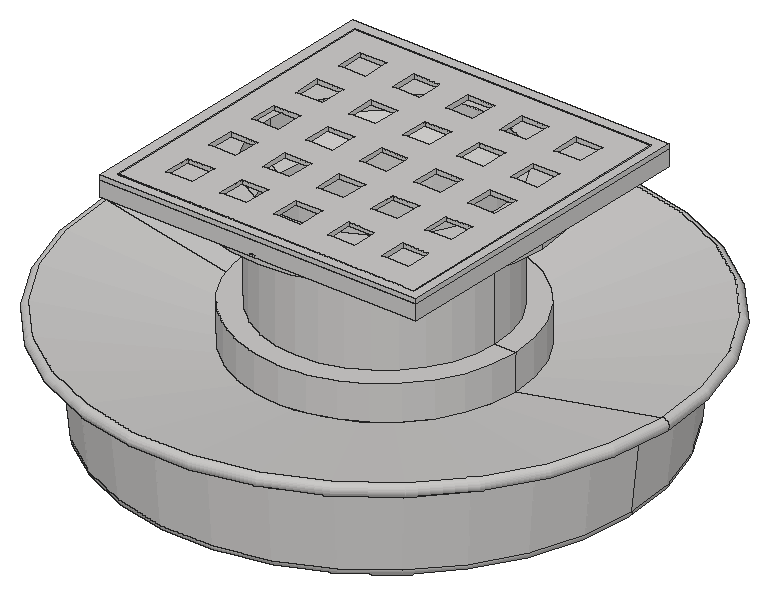
Revit family "Drain_Floor_Square-Top_Zurn-Z1727_Medium-duty", category Plumbing Fixtures, Revit 2022
Family settings
  Round Connector Dimension = Use Radius
  Part Type = Normal
  OmniClass Number = 23.45.55.21
  OmniClass Title = Drains (Wastes)
  Work Plane-Based = No
  Always vertical = Yes
  Cut with Voids When Loaded = No
  Maintain Annotation Orientation = No
  Shared = No
  Room Calculation Point = No
Parameters (values of type "Load Family Type Catalog")
  Waste Connection = 1 = 1  # yes
  WFU = 0  # constant formula
  Vent Connection = 1 = 0  # no
  URL = "www.zurn.com"
  Type Comments = "Z1727 2 Inch Butt-Weld Outlet with 5 Inch Square Top."
  Sq. Dim 'B' = 5.000"
  Product data URL = "https://www.bimobject.com/en-us/zurnindustries/product/zurn-z1727"
  Product Page URL = "https://www.zurn.com/products/drainage-interceptors/floor-drains/finish-floor-drains/z1727"
  Product Documentation Link = "https://files.zurn.com/spec-sheets/z1727.pdf"
  Pipe Size 'A' (Outer Radius) = [Pipe Size 'A' (Outer Diameter)] / 2  # 1.1875"
  Pipe Size 'A' (Outer Diameter) = 2.375"
  Pipe Size 'A' (Nominal Radius) = [Pipe Size 'A' (Nominal Diameter)] / 2  # 1.000"
  Pipe Size 'A' (Nominal Diameter) = 2.000"
  Pipe Size 'A' (Inner Radius) = [Pipe Size 'A' (Inner Diameter)] / 2  # 1.0335"
  Pipe Size 'A' (Inner Diameter) = 2.067"
  Modified Date = "11/14/2025"  # constant formula
  Model = "Z1727 2BW-5"
  Manufacturer Brand = "Zurn"  # constant formula
  Manufacturer = "Zurn Water, LLC"  # constant formula
  Main Material = Steel - Zurn- Stainless - Type - 304
  HWFU = 0  # constant formula
  HW Connection = 1 = 0  # no
  Grate Open Area (Sq. In.) = 9.00 m²
  Enter_Adjustable Head Height [instance] = 2.000"
  Description = "ADJUSTABLE FLOOR DRAIN MEDIUM-DUTY WITH SQUARE TOP"  # constant formula
  Default Elevation = 20.000"
  Date Created = "05/16/2025"  # constant formula
  CWFU = 0  # constant formula
  CW Connection = 1 = 0  # no
  Assembly Code = "D2030300"
  Approx. Weight (Lbs) = 13.000"
  Adjustable Head Height [instance] = if(Enter_Adjustable Head Height > 2.625", 2.625", if(Enter_Adjustable Head Height < 1.500", 1.500", Enter_Adjustable Head Height))  # 2.000"
  Body Height  ' E ' = 2.875"
Reference planes (in)
  plane 1 "Center (Front/Back)": y = 0
  plane 2: z = 0
  plane 3 "Center (Left/Right)": x = 0
  plane 4 "Outlet": z = -4.875
  plane 5: z = -2
  plane 6: x = 4.5
  plane 7: x = -4.5
  plane 8: z = -3.725
  plane 9: x = -2.5
  plane 10: x = 2.5
  plane 11: y = 2.5
  plane 12: y = -2.5
  plane 13: z = -0.063
  plane 14: z = -0.313
  plane 15: x = -1
  plane 16: x = 1
  plane 17: y = 3
  plane 18: y = -3
  plane 19: y = 1
  plane 20: y = -1
Forms (in)
  Revolve 1, solid, material "Steel - Zurn- Stainless - Type - 304" <- "Main Material", detail levels fine
    sketch origin (0, 0, 0) x (1, 0, 0) y (0, 0, 1)
      loop
        arc (-4.39391, -2.10687) -> (-4.4985, -2.18188) -> (-4.43051, -2.29117) r 0.09416
        line (-4.43051, -2.29117) -> (-4.17517, -2.35959)
        arc (-4.17517, -2.35959) -> (-4.08116, -2.41888) -> (-4.03723, -2.52098) r 0.18751
        line (-4.03723, -2.52098) -> (-3.92168, -3.61314)
        arc (-3.92168, -3.61314) -> (-3.88098, -3.69292) -> (-3.79736, -3.725) r 0.12501
        line (-3.79736, -3.725) -> (-1.025, -3.725) -> (-1.025, -2) -> (-2.08502, -2) -> (-2.08502, -2.55051) -> (-4.39391, -2.10687)
      axis (0, -2) -> (0, -3.725)
    angle from 0 to 360
  Extrusion 2, solid, material "Steel - Zurn- Stainless - Type - 304" <- "Main Material", detail levels fine
    sketch origin (0, 0, -4.875) x (-1, 0, 0) y (0, -1, 0)
      loop
        circle (0, 0) r 1.0335
      loop
        circle (0, 0) r 1.1875
    from 0 to 1.15
  Extrusion 3, solid, material "Steel - Zurn- Stainless - Type - 304" <- "Main Material", detail levels fine
    sketch origin (0, 0, 0) x (1, 0, 0) y (0, 1, 0)
      loop
        line (-2.5, 2.5) -> (-2.5, -2.5) -> (2.5, -2.5) -> (2.5, 2.5) -> (-2.5, 2.5)
      loop
        circle (0, 0) r 1.811
    from -0.313 to -0.063
  Revolve 4, solid, material "Steel - Zurn- Stainless - Type - 304" <- "Main Material", detail levels fine
    sketch origin (0, 0, 0) x (1, 0, 0) y (0, 0, 1)
      loop
        line (-1.75, -0.83186) -> (-1.75, -2) -> (-1.66367, -2) -> (-1.66367, -0.78828) -> (-2.31789, -0.313) -> (-2.5, -0.313) -> (-2.5, -0.38258) -> (-2.36843, -0.38258) -> (-1.75, -0.83186)
      axis (0, -0.313) -> (0, -2)
    angle from 0 to 360
  Extrusion 5, solid, material "Steel - Zurn- Stainless - Type - 304" <- "Main Material", detail levels fine
    sketch origin (0, 0, 0) x (1, 0, 0) y (0, 1, 0)
      loop
        line (-2.5, 2.5) -> (-2.5, -2.5) -> (2.5, -2.5) -> (2.5, 2.5) -> (-2.5, 2.5)
      loop
        line (-2.344, 2.344) -> (-2.344, -2.344) -> (2.344, -2.344) -> (2.344, 2.344) -> (-2.344, 2.344)
    from -0.063 to 0
  Extrusion 6, solid, material "Steel - Zurn- Stainless - Type - 304" <- "Main Material", detail levels fine
    sketch origin (0, 0, 0) x (1, 0, 0) y (0, 1, 0)
      loop
        line (-2.344, 2.344) -> (-2.344, -2.344) -> (2.344, -2.344) -> (2.344, 2.344) -> (-2.344, 2.344)
      loop
        line (-1.91782, 1.91782) -> (-1.91782, 1.49164) -> (-1.49164, 1.49164) -> (-1.49164, 1.91782) -> (-1.91782, 1.91782)
      loop
        line (-1.06545, 1.91782) -> (-1.06545, 1.49164) -> (-0.63927, 1.49164) -> (-0.63927, 1.91782) -> (-1.06545, 1.91782)
      loop
        line (-0.21309, 1.91782) -> (-0.21309, 1.49164) -> (0.21309, 1.49164) -> (0.21309, 1.91782) -> (-0.21309, 1.91782)
      loop
        line (0.63927, 1.91782) -> (0.63927, 1.49164) -> (1.06545, 1.49164) -> (1.06545, 1.91782) -> (0.63927, 1.91782)
      loop
        line (1.49164, 1.91782) -> (1.49164, 1.49164) -> (1.91782, 1.49164) -> (1.91782, 1.91782) -> (1.49164, 1.91782)
      loop
        line (-1.91782, 1.06545) -> (-1.91782, 0.63927) -> (-1.49164, 0.63927) -> (-1.49164, 1.06545) -> (-1.91782, 1.06545)
      loop
        line (-1.06545, 1.06545) -> (-1.06545, 0.63927) -> (-0.63927, 0.63927) -> (-0.63927, 1.06545) -> (-1.06545, 1.06545)
      loop
        line (-0.21309, 1.06545) -> (-0.21309, 0.63927) -> (0.21309, 0.63927) -> (0.21309, 1.06545) -> (-0.21309, 1.06545)
      loop
        line (0.63927, 1.06545) -> (0.63927, 0.63927) -> (1.06545, 0.63927) -> (1.06545, 1.06545) -> (0.63927, 1.06545)
      loop
        line (1.49164, 1.06545) -> (1.49164, 0.63927) -> (1.91782, 0.63927) -> (1.91782, 1.06545) -> (1.49164, 1.06545)
      loop
        line (-1.91782, 0.21309) -> (-1.91782, -0.21309) -> (-1.49164, -0.21309) -> (-1.49164, 0.21309) -> (-1.91782, 0.21309)
      loop
        line (-1.06545, 0.21309) -> (-1.06545, -0.21309) -> (-0.63927, -0.21309) -> (-0.63927, 0.21309) -> (-1.06545, 0.21309)
      loop
        line (-0.21309, 0.21309) -> (-0.21309, -0.21309) -> (0.21309, -0.21309) -> (0.21309, 0.21309) -> (-0.21309, 0.21309)
      loop
        line (0.63927, 0.21309) -> (0.63927, -0.21309) -> (1.06545, -0.21309) -> (1.06545, 0.21309) -> (0.63927, 0.21309)
      loop
        line (1.49164, 0.21309) -> (1.49164, -0.21309) -> (1.91782, -0.21309) -> (1.91782, 0.21309) -> (1.49164, 0.21309)
      loop
        line (-1.91782, -0.63927) -> (-1.91782, -1.06545) -> (-1.49164, -1.06545) -> (-1.49164, -0.63927) -> (-1.91782, -0.63927)
      loop
        line (-1.06545, -0.63927) -> (-1.06545, -1.06545) -> (-0.63927, -1.06545) -> (-0.63927, -0.63927) -> (-1.06545, -0.63927)
      loop
        line (-0.21309, -0.63927) -> (-0.21309, -1.06545) -> (0.21309, -1.06545) -> (0.21309, -0.63927) -> (-0.21309, -0.63927)
      loop
        line (0.63927, -0.63927) -> (0.63927, -1.06545) -> (1.06545, -1.06545) -> (1.06545, -0.63927) -> (0.63927, -0.63927)
      loop
        line (1.49164, -0.63927) -> (1.49164, -1.06545) -> (1.91782, -1.06545) -> (1.91782, -0.63927) -> (1.49164, -0.63927)
      loop
        line (-1.91782, -1.49164) -> (-1.91782, -1.91782) -> (-1.49164, -1.91782) -> (-1.49164, -1.49164) -> (-1.91782, -1.49164)
      loop
        line (-1.06545, -1.49164) -> (-1.06545, -1.91782) -> (-0.63927, -1.91782) -> (-0.63927, -1.49164) -> (-1.06545, -1.49164)
      loop
        line (-0.21309, -1.49164) -> (-0.21309, -1.91782) -> (0.21309, -1.91782) -> (0.21309, -1.49164) -> (-0.21309, -1.49164)
      loop
        line (0.63927, -1.49164) -> (0.63927, -1.91782) -> (1.06545, -1.91782) -> (1.06545, -1.49164) -> (0.63927, -1.49164)
      loop
        line (1.49164, -1.49164) -> (1.49164, -1.91782) -> (1.91782, -1.91782) -> (1.91782, -1.49164) -> (1.49164, -1.49164)
    from -0.063 to 0
Lines and regions (in)
  Masking region 1, detail levels fine
    outline origin (0, 0, 0) x (1, 0, 0) y (0, 1, 0)
      loop
        line (2.5, 2.5) -> (-2.5, 2.5) -> (-2.5, -2.5) -> (2.5, -2.5) -> (2.5, 2.5)
  model lines, detail levels coarse+medium
    curve 1: line (-2.5, 2.5, 0) -> (2.5, 2.5, 0)
    curve 2: line (-2.5, -2.5, 0) -> (-2.5, 2.5, 0)
    curve 3: line (2.5, -2.5, 0) -> (-2.5, -2.5, 0)
    curve 4: line (2.5, 2.5, 0) -> (2.5, -2.5, 0)
    curve 5: line (0, 0, 0) -> (0, 0, -4.875)
    curve 6: line (-1, 0, -4.875) -> (1, 0, -4.875)
    curve 7: line (0, 1, -4.875) -> (0, -1, -4.875)
    curve 8: line (2.344, 2.344, 0) -> (-2.344, 2.344, 0)
    curve 9: line (-2.344, 2.344, 0) -> (-2.344, -2.344, 0)
    curve 10: line (2.344, -2.344, 0) -> (2.344, 2.344, 0)
    curve 11: line (-2.344, -2.344, 0) -> (2.344, -2.344, 0)
    curve 12: line (-1.91782, 1.91782, 0) -> (-1.49164, 1.91782, 0)
    curve 13: line (-1.91782, 1.49164, 0) -> (-1.91782, 1.91782, 0)
    curve 14: line (-1.49164, 1.49164, 0) -> (-1.91782, 1.49164, 0)
    curve 15: line (-1.49164, 1.91782, 0) -> (-1.49164, 1.49164, 0)
    curve 16: line (-1.06545, 1.49164, 0) -> (-1.06545, 1.91782, 0)
    curve 17: line (-1.06545, 1.91782, 0) -> (-0.63927, 1.91782, 0)
    curve 18: line (-0.63927, 1.49164, 0) -> (-1.06545, 1.49164, 0)
    curve 19: line (-0.63927, 1.91782, 0) -> (-0.63927, 1.49164, 0)
    curve 20: line (-0.21309, 1.91782, 0) -> (0.21309, 1.91782, 0)
    curve 21: line (-0.21309, 1.49164, 0) -> (-0.21309, 1.91782, 0)
    curve 22: line (0.21309, 1.49164, 0) -> (-0.21309, 1.49164, 0)
    curve 23: line (0.21309, 1.91782, 0) -> (0.21309, 1.49164, 0)
    curve 24: line (0.63927, 1.49164, 0) -> (0.63927, 1.91782, 0)
    curve 25: line (0.63927, 1.91782, 0) -> (1.06545, 1.91782, 0)
    curve 26: line (1.06545, 1.49164, 0) -> (0.63927, 1.49164, 0)
    curve 27: line (1.06545, 1.91782, 0) -> (1.06545, 1.49164, 0)
    curve 28: line (1.49164, 1.91782, 0) -> (1.91782, 1.91782, 0)
    curve 29: line (1.49164, 1.49164, 0) -> (1.49164, 1.91782, 0)
    curve 30: line (1.91782, 1.49164, 0) -> (1.49164, 1.49164, 0)
    curve 31: line (1.91782, 1.91782, 0) -> (1.91782, 1.49164, 0)
    curve 32: line (-1.91782, 1.06545, 0) -> (-1.49164, 1.06545, 0)
    curve 33: line (-1.91782, 0.63927, 0) -> (-1.91782, 1.06545, 0)
    curve 34: line (-1.49164, 0.63927, 0) -> (-1.91782, 0.63927, 0)
    curve 35: line (-1.49164, 1.06545, 0) -> (-1.49164, 0.63927, 0)
    curve 36: line (-1.06545, 1.06545, 0) -> (-0.63927, 1.06545, 0)
    curve 37: line (-1.06545, 0.63927, 0) -> (-1.06545, 1.06545, 0)
    curve 38: line (-0.63927, 0.63927, 0) -> (-1.06545, 0.63927, 0)
    curve 39: line (-0.63927, 1.06545, 0) -> (-0.63927, 0.63927, 0)
    curve 40: line (-0.21309, 1.06545, 0) -> (0.21309, 1.06545, 0)
    curve 41: line (-0.21309, 0.63927, 0) -> (-0.21309, 1.06545, 0)
    curve 42: line (0.21309, 0.63927, 0) -> (-0.21309, 0.63927, 0)
    curve 43: line (0.21309, 1.06545, 0) -> (0.21309, 0.63927, 0)
    curve 44: line (0.63927, 1.06545, 0) -> (1.06545, 1.06545, 0)
    curve 45: line (0.63927, 0.63927, 0) -> (0.63927, 1.06545, 0)
    curve 46: line (1.06545, 0.63927, 0) -> (0.63927, 0.63927, 0)
    curve 47: line (1.06545, 1.06545, 0) -> (1.06545, 0.63927, 0)
    curve 48: line (1.49164, 0.63927, 0) -> (1.49164, 1.06545, 0)
    curve 49: line (1.49164, 1.06545, 0) -> (1.91782, 1.06545, 0)
    curve 50: line (1.91782, 1.06545, 0) -> (1.91782, 0.63927, 0)
    curve 51: line (1.91782, 0.63927, 0) -> (1.49164, 0.63927, 0)
    curve 52: line (-1.91782, 0.21309, 0) -> (-1.49164, 0.21309, 0)
    curve 53: line (-1.91782, -0.21309, 0) -> (-1.91782, 0.21309, 0)
    curve 54: line (-1.49164, -0.21309, 0) -> (-1.91782, -0.21309, 0)
    curve 55: line (-1.49164, 0.21309, 0) -> (-1.49164, -0.21309, 0)
    curve 56: line (-1.06545, 0.21309, 0) -> (-0.63927, 0.21309, 0)
    curve 57: line (-1.06545, -0.21309, 0) -> (-1.06545, 0.21309, 0)
    curve 58: line (-0.63927, -0.21309, 0) -> (-1.06545, -0.21309, 0)
    curve 59: line (-0.63927, 0.21309, 0) -> (-0.63927, -0.21309, 0)
    curve 60: line (-0.21309, 0.21309, 0) -> (0.21309, 0.21309, 0)
    curve 61: line (-0.21309, -0.21309, 0) -> (-0.21309, 0.21309, 0)
    curve 62: line (0.21309, -0.21309, 0) -> (-0.21309, -0.21309, 0)
    curve 63: line (0.21309, 0.21309, 0) -> (0.21309, -0.21309, 0)
    curve 64: line (0.63927, 0.21309, 0) -> (1.06545, 0.21309, 0)
    curve 65: line (0.63927, -0.21309, 0) -> (0.63927, 0.21309, 0)
    curve 66: line (1.06545, -0.21309, 0) -> (0.63927, -0.21309, 0)
    curve 67: line (1.06545, 0.21309, 0) -> (1.06545, -0.21309, 0)
    curve 68: line (1.49164, 0.21309, 0) -> (1.91782, 0.21309, 0)
    curve 69: line (1.49164, -0.21309, 0) -> (1.49164, 0.21309, 0)
    curve 70: line (1.91782, -0.21309, 0) -> (1.49164, -0.21309, 0)
    curve 71: line (1.91782, 0.21309, 0) -> (1.91782, -0.21309, 0)
    curve 72: line (-1.91782, -0.63927, 0) -> (-1.49164, -0.63927, 0)
    curve 73: line (-1.91782, -1.06545, 0) -> (-1.91782, -0.63927, 0)
    curve 74: line (-1.49164, -1.06545, 0) -> (-1.91782, -1.06545, 0)
    curve 75: line (-1.49164, -0.63927, 0) -> (-1.49164, -1.06545, 0)
    curve 76: line (-1.06545, -0.63927, 0) -> (-0.63927, -0.63927, 0)
    curve 77: line (-1.06545, -1.06545, 0) -> (-1.06545, -0.63927, 0)
    curve 78: line (-0.63927, -1.06545, 0) -> (-1.06545, -1.06545, 0)
    curve 79: line (-0.63927, -0.63927, 0) -> (-0.63927, -1.06545, 0)
    curve 80: line (-0.21309, -0.63927, 0) -> (0.21309, -0.63927, 0)
    curve 81: line (-0.21309, -1.06545, 0) -> (-0.21309, -0.63927, 0)
    curve 82: line (0.21309, -1.06545, 0) -> (-0.21309, -1.06545, 0)
    curve 83: line (0.21309, -0.63927, 0) -> (0.21309, -1.06545, 0)
    curve 84: line (0.63927, -0.63927, 0) -> (1.06545, -0.63927, 0)
    curve 85: line (0.63927, -1.06545, 0) -> (0.63927, -0.63927, 0)
    curve 86: line (1.06545, -1.06545, 0) -> (0.63927, -1.06545, 0)
    curve 87: line (1.06545, -0.63927, 0) -> (1.06545, -1.06545, 0)
    curve 88: line (1.49164, -0.63927, 0) -> (1.91782, -0.63927, 0)
    curve 89: line (1.91782, -0.63927, 0) -> (1.91782, -1.06545, 0)
    curve 90: line (1.91782, -1.06545, 0) -> (1.49164, -1.06545, 0)
    curve 91: line (1.49164, -1.06545, 0) -> (1.49164, -0.63927, 0)
  model lines
    curve 92: line (-1.91782, -1.91782, 0) -> (-1.91782, -1.49164, 0)
    curve 93: line (-1.91782, -1.49164, 0) -> (-1.49164, -1.49164, 0)
    curve 94: line (-1.49164, -1.91782, 0) -> (-1.91782, -1.91782, 0)
    curve 95: line (-1.49164, -1.49164, 0) -> (-1.49164, -1.91782, 0)
    curve 96: line (-1.06545, -1.91782, 0) -> (-1.06545, -1.49164, 0)
    curve 97: line (-1.06545, -1.49164, 0) -> (-0.63927, -1.49164, 0)
    curve 98: line (-0.63927, -1.91782, 0) -> (-1.06545, -1.91782, 0)
    curve 99: line (-0.63927, -1.49164, 0) -> (-0.63927, -1.91782, 0)
    curve 100: line (-0.21309, -1.91782, 0) -> (-0.21309, -1.49164, 0)
    curve 101: line (-0.21309, -1.49164, 0) -> (0.21309, -1.49164, 0)
    curve 102: line (0.21309, -1.91782, 0) -> (-0.21309, -1.91782, 0)
    curve 103: line (0.21309, -1.49164, 0) -> (0.21309, -1.91782, 0)
    curve 104: line (0.63927, -1.91782, 0) -> (0.63927, -1.49164, 0)
    curve 105: line (1.06545, -1.91782, 0) -> (0.63927, -1.91782, 0)
    curve 106: line (0.63927, -1.49164, 0) -> (1.06545, -1.49164, 0)
    curve 107: line (1.06545, -1.49164, 0) -> (1.06545, -1.91782, 0)
    curve 108: line (1.49164, -1.91782, 0) -> (1.49164, -1.49164, 0)
    curve 109: line (1.49164, -1.49164, 0) -> (1.91782, -1.49164, 0)
    curve 110: line (1.91782, -1.49164, 0) -> (1.91782, -1.91782, 0)
    curve 111: line (1.91782, -1.91782, 0) -> (1.49164, -1.91782, 0)
Dimensions and locks (in)
  "Adjustable Head Height": plane 2 to plane 5
  "Body Height  ' E '": plane 5 to plane 4 "Outlet"
  equal spacing: plane 6, plane 3 "Center (Left/Right)", plane 7, locked at 4.5 each
  locked: plane 6 to plane 7 at 9
  equal spacing: plane 9, plane 3 "Center (Left/Right)", plane 10
  "Sq. Dim 'B'": plane 9 to plane 10
  equal spacing: plane 12, plane 1 "Center (Front/Back)", plane 11
  "Sq. Dim 'B'": plane 12 to plane 11
  locked: plane 5 to plane 8 at 1.725
  locked: level to plane 13 at 0.063
  locked: Extrusion 5 sketch curve to plane 11 at 0.156
  locked: Extrusion 5 sketch curve to plane 10 at 0.156
  locked: plane 12 to Extrusion 5 sketch curve at 0.156
  locked: plane 9 to Extrusion 5 sketch curve at 0.156
  locked: plane 3 "Center (Left/Right)" to Revolve 1 sketch curve at 2.08502
  locked: plane 3 "Center (Left/Right)" to Revolve 1 sketch curve at 1.025
  Revolve 1 sketch curve to Revolve 1 sketch curve = 1.93827"
  locked: plane 3 "Center (Left/Right)" to Revolve 4 sketch curve at 1.66367
  locked: Revolve 4 sketch curve to plane 9 at 0.18211
  locked: Revolve 4 sketch curve to plane 9 at 0.13157
  plane 14 to Revolve 4 sketch curve = 0.06958"
  equal spacing: Extrusion 5, Extrusion 6 sketch curve, Extrusion 6 sketch curve, Extrusion 6 sketch curve, Extrusion 6 sketch curve, Extrusion 6 sketch curve, Extrusion 6 sketch curve, Extrusion 6 sketch curve, Extrusion 6 sketch curve, Extrusion 6 sketch curve, Extrusion 6 sketch curve, Extrusion 5  (x2)
  "Pipe Size 'A' (Nominal Radius)": plane 15 to plane 3 "Center (Left/Right)" to plane 16
  equal spacing: plane 18, plane 1 "Center (Front/Back)", plane 17
  "Pipe Size 'A' (Nominal Radius)": plane 1 "Center (Front/Back)" to plane 19
  "Pipe Size 'A' (Nominal Radius)": plane 20 to plane 1 "Center (Front/Back)"
  "Pipe Size 'A' (Inner Radius)": radius of Extrusion 2 sketch curve
  "Pipe Size 'A' (Outer Radius)": radius of Extrusion 2 sketch curve
  aligned and locked: level to plane 2
  aligned and locked: Revolve 1 sketch curve to plane 3 "Center (Left/Right)"
  aligned and locked: plane 3 "Center (Left/Right)" to Extrusion 2 sketch curve  (x2)
  aligned and locked: plane 1 "Center (Front/Back)" to Extrusion 2 sketch curve  (x2)
  aligned and locked: Extrusion 2 to plane 4 "Outlet"
  aligned and locked: Extrusion 2 to Revolve 1
  aligned and locked: plane 8 to Extrusion 2
  aligned and locked: plane 11 to Extrusion 3 sketch curve
  aligned and locked: Extrusion 3 sketch curve to plane 10
  aligned and locked: plane 9 to Extrusion 3 sketch curve
  aligned and locked: Extrusion 3 sketch curve to plane 12
  aligned and locked: plane 3 "Center (Left/Right)" to Extrusion 3 sketch curve
  aligned and locked: plane 1 "Center (Front/Back)" to Extrusion 3 sketch curve
  aligned and locked: plane 13 to Extrusion 3
  aligned and locked: Extrusion 3 to plane 14
  aligned and locked: Revolve 4 sketch curve to plane 3 "Center (Left/Right)"
  aligned and locked: plane 9 to Extrusion 5 sketch curve
  aligned and locked: plane 11 to Extrusion 5 sketch curve
  aligned and locked: Extrusion 5 sketch curve to plane 10
  aligned and locked: Extrusion 5 sketch curve to plane 12
  aligned and locked: Extrusion 5 to Extrusion 3
  aligned and locked: level to Extrusion 5
  aligned and locked: Revolve 4 sketch curve to plane 9
  aligned and locked: Extrusion 5 to Extrusion 6 sketch curve
  aligned and locked: Extrusion 6 sketch curve to Extrusion 5  (x3)
  aligned and locked: Extrusion 6 to Extrusion 3
  aligned and locked: level to Extrusion 6
  aligned and locked: Extrusion 6 sketch curve to Extrusion 6 sketch curve  (x80)
  aligned and locked: Masking region 1 sketch curve to Extrusion 5  (x4)
  aligned and locked: plane 11 to curve 1
  aligned and locked: plane 9 to curve 2
  aligned and locked: curve 3 to plane 12
  aligned and locked: curve 4 to plane 10
  aligned and locked: plane 2 to curve 5
  aligned and locked: plane 4 "Outlet" to curve 5
  aligned and locked: curve 5 to plane 3 "Center (Left/Right)"
  aligned and locked: plane 15 to curve 6
  aligned and locked: plane 16 to curve 6
  aligned and locked: plane 1 "Center (Front/Back)" to curve 6
  aligned and locked: plane 19 to curve 7
  aligned and locked: plane 20 to curve 7
  aligned and locked: curve 7 to plane 3 "Center (Left/Right)"
  aligned and locked: curve 8 to Extrusion 6
  aligned and locked: curve 9 to Extrusion 6
  aligned and locked: curve 10 to Extrusion 6
  aligned and locked: curve 11 to Extrusion 6
  aligned and locked: curve 12 to Extrusion 6
  aligned and locked: curve 13 to Extrusion 6
  aligned and locked: curve 14 to Extrusion 6
  aligned and locked: curve 15 to Extrusion 6
  aligned and locked: curve 16 to Extrusion 6
  aligned and locked: curve 17 to Extrusion 6
  aligned and locked: curve 18 to Extrusion 6
  aligned and locked: curve 19 to Extrusion 6
  aligned and locked: curve 20 to Extrusion 6
  aligned and locked: curve 21 to Extrusion 6
  aligned and locked: curve 22 to Extrusion 6
  aligned and locked: curve 23 to Extrusion 6
  aligned and locked: curve 24 to Extrusion 6
  aligned and locked: curve 25 to Extrusion 6
  aligned and locked: curve 26 to Extrusion 6
  aligned and locked: curve 27 to Extrusion 6
  aligned and locked: curve 28 to Extrusion 6
  aligned and locked: curve 29 to Extrusion 6
  aligned and locked: curve 30 to Extrusion 6
  aligned and locked: curve 31 to Extrusion 6
  aligned and locked: curve 32 to Extrusion 6
  aligned and locked: curve 33 to Extrusion 6
  aligned and locked: curve 34 to Extrusion 6
  aligned and locked: curve 35 to Extrusion 6
  aligned and locked: curve 36 to Extrusion 6
  aligned and locked: curve 37 to Extrusion 6
  aligned and locked: curve 38 to Extrusion 6
  aligned and locked: curve 39 to Extrusion 6
  aligned and locked: curve 40 to Extrusion 6
  aligned and locked: curve 41 to Extrusion 6
  aligned and locked: curve 42 to Extrusion 6
  aligned and locked: curve 43 to Extrusion 6
  aligned and locked: curve 44 to Extrusion 6
  aligned and locked: curve 45 to Extrusion 6
  aligned and locked: curve 46 to Extrusion 6
  aligned and locked: curve 47 to Extrusion 6
  aligned and locked: curve 48 to Extrusion 6
  aligned and locked: curve 49 to Extrusion 6
  aligned and locked: curve 50 to Extrusion 6
  aligned and locked: curve 51 to Extrusion 6
  aligned and locked: curve 52 to Extrusion 6
  aligned and locked: curve 53 to Extrusion 6
  aligned and locked: curve 54 to Extrusion 6
  aligned and locked: curve 55 to Extrusion 6
  aligned and locked: curve 56 to Extrusion 6
  aligned and locked: curve 57 to Extrusion 6
  aligned and locked: curve 58 to Extrusion 6
  aligned and locked: curve 59 to Extrusion 6
  aligned and locked: curve 60 to Extrusion 6
  aligned and locked: curve 61 to Extrusion 6
  aligned and locked: curve 62 to Extrusion 6
  aligned and locked: curve 63 to Extrusion 6
  aligned and locked: curve 64 to Extrusion 6
  aligned and locked: curve 65 to Extrusion 6
  aligned and locked: curve 66 to Extrusion 6
  aligned and locked: curve 67 to Extrusion 6
  aligned and locked: curve 68 to Extrusion 6
  aligned and locked: curve 69 to Extrusion 6
  aligned and locked: curve 70 to Extrusion 6
  aligned and locked: curve 71 to Extrusion 6
  aligned and locked: curve 72 to Extrusion 6
  aligned and locked: curve 73 to Extrusion 6
  aligned and locked: curve 74 to Extrusion 6
  aligned and locked: curve 75 to Extrusion 6
  aligned and locked: curve 76 to Extrusion 6
  aligned and locked: curve 77 to Extrusion 6
  aligned and locked: curve 78 to Extrusion 6
  aligned and locked: curve 79 to Extrusion 6
  aligned and locked: curve 80 to Extrusion 6
  aligned and locked: curve 81 to Extrusion 6
  aligned and locked: curve 82 to Extrusion 6
  aligned and locked: curve 83 to Extrusion 6
  aligned and locked: curve 84 to Extrusion 6
  aligned and locked: curve 85 to Extrusion 6
  aligned and locked: curve 86 to Extrusion 6
  aligned and locked: curve 87 to Extrusion 6
  aligned and locked: curve 88 to Extrusion 6
  aligned and locked: curve 89 to Extrusion 6
  aligned and locked: curve 90 to Extrusion 6
  aligned and locked: curve 91 to Extrusion 6
  aligned and locked: curve 92 to Extrusion 6
  aligned and locked: curve 93 to Extrusion 6
  aligned and locked: curve 94 to Extrusion 6
  aligned and locked: curve 95 to Extrusion 6
  aligned and locked: curve 96 to Extrusion 6
  aligned and locked: curve 97 to Extrusion 6
  aligned and locked: curve 98 to Extrusion 6
  aligned and locked: curve 99 to Extrusion 6
  aligned and locked: curve 100 to Extrusion 6
  aligned and locked: curve 101 to Extrusion 6
  aligned and locked: curve 102 to Extrusion 6
  aligned and locked: curve 103 to Extrusion 6
  aligned and locked: curve 104 to Extrusion 6
  aligned and locked: curve 105 to Extrusion 6
  aligned and locked: curve 106 to Extrusion 6
  aligned and locked: curve 107 to Extrusion 6
  aligned and locked: curve 108 to Extrusion 6
  aligned and locked: curve 109 to Extrusion 6
  aligned and locked: curve 110 to Extrusion 6
  aligned and locked: curve 111 to Extrusion 6
Automatic sketch dimensions
  Revolve 1 sketch curve to plane 8 = 0.000"
  Revolve 1 sketch curve to plane 5 = 0.000"
  plane 7 to Revolve 1 sketch curve = 0.70264"
  plane 8 to Revolve 1 sketch curve = 0.11186"
  Revolve 1 sketch curve to Revolve 1 sketch curve = 0.12432"
  plane 7 to Revolve 1 sketch curve = 0.46277"
  Revolve 1 sketch curve to Revolve 1 sketch curve = 0.13794"
  Revolve 1 sketch curve to Revolve 1 sketch curve = 0.04853"
  plane 7 to Revolve 1 sketch curve = 0.10609"
  plane 7 to Revolve 1 sketch curve = 0.09386"
  plane 7 to Revolve 1 sketch curve = 0.06949"
  Revolve 1 sketch curve to plane 5 = 0.55051"
  Revolve 1 sketch curve to Revolve 1 sketch curve = 0.01973"
  Revolve 1 sketch curve to Revolve 1 sketch curve = 0.06841"
  Revolve 1 sketch curve to Revolve 1 sketch curve = 0.09095"
  Revolve 1 sketch curve to plane 4 "Outlet" = 9.53621"
  level to Revolve 1 sketch curve = 87.17776"
  Revolve 4 sketch curve to plane 5 = 0.000"
  Revolve 4 sketch curve to plane 14 = 0.000"
  Revolve 4 sketch curve to Revolve 4 sketch curve = 0.08633"
  Revolve 4 sketch curve to plane 14 = 0.51886"
  Revolve 4 sketch curve to Revolve 4 sketch curve = 0.04358"
  Revolve 4 sketch curve to plane 4 "Outlet" = 10.03621"
  level to Revolve 4 sketch curve = 87.17776"
  plane 9 to curve 92 = 0.58218"
  curve 92 to curve 95 = 0.42618"
  curve 96 to plane 15 = 0.06545"
  plane 15 to curve 98 = 0.36073"
  curve 100 to plane 3 "Center (Left/Right)" = 0.21309"
  plane 3 "Center (Left/Right)" to curve 103 = 0.21309"
  curve 106 to plane 16 = 0.36073"
  plane 16 to curve 107 = 0.06545"
  curve 105 to curve 108 = 0.42618"
  curve 108 to curve 111 = 0.42618"
  curve 95 to plane 12 = 0.58218"
  curve 94 to curve 96 = 0.000"
  curve 110 to plane 12 = 0.58218"
  curve 107 to curve 108 = 0.000"
  curve 98 to curve 100 = 0.000"
  curve 101 to curve 82 = 0.42618"
  curve 104 to curve 85 = 0.42618"
  curve 99 to curve 78 = 0.42618"
  curve 108 to curve 90 = 0.42618"
  curve 95 to curve 74 = 0.42618"
  radius of Extrusion 3 sketch curve = 1.811"
Connectors (in)
  piping at (0, 0, -4.875), diameter 2, driven by "Pipe Size 'A' (Nominal Radius)", driven by "Waste Connection", driven by "Waste Connection"
    settings: on Extrusion 2, index 1, connector inside diameter 609.6 mm, connector length 0.000", flow factor 0, pipe flow 0.0 L/s, pressure drop 0.0 Pa, fitting loss kfactor 0, connector angle 0.00°, fixture units 0, engagement length 0.000", angle of deflection 0.00°, flow configuration 0, flow direction 2, fitting loss method 0, system type 16, joint type 0, gender type 0, connector reference index -1, connector utility 1, adjustable connector yes, is connector primary yes, connector description "Sanitary Outlet"
Types in the file's own list only (40): name | Type Comments | Sq. Dim 'B' | Pipe Size 'A' (Outer Radius) | Pipe Size 'A' (Outer Diameter) | Pipe Size 'A' (Nominal Radius) | Pipe Size 'A' (Nominal Diameter) | Pipe Size 'A' (Inner Radius) | Pipe Size 'A' (Inner Diameter) | Model | Main Material | Grate Open Area (Sq. In.) | Default Elevation | Approx. Weight (Lbs) | Body Height  ' E '
  Z1727-2BW-5 | "Z1727 2 Inch Butt-Weld Outlet with 5 Inch Square Top." | 5.000 " | 1.188 " | 2.375 " | 1.000 " | 2.000 " | 1.034 " | 2.067 " | "Z1727 2BW-5" | Steel - Zurn- Stainless - Type - 304 | 9.00 m² | 20.000 " | 13.000 " | 2.875 "
  Z1727-2BW-6 | "Z1727 2 Inch Butt-Weld Outlet with 6 Inch Square Top." | 6.000 " | 1.188 " | 2.375 " | 1.000 " | 2.000 " | 1.034 " | 2.067 " | "Z1727 2BW-6" | Steel - Zurn- Stainless - Type - 304 | 13.00 m² | 20.000 " | 14.000 " | 2.875 "
  Z1727-3BW-5 | "Z1727 3 Inch Butt-Weld Outlet with 5 Inch Square Top." | 5.000 " | 1.750 " | 3.500 " | 1.500 " | 3.000 " | 1.534 " | 3.068 " | "Z1727 3BW-5" | Steel - Zurn- Stainless - Type - 304 | 9.00 m² | 20.000 " | 13.000 " | 2.875 "
  Z1727-3BW-6 | "Z1727 3 Inch Butt-Weld Outlet with 6 Inch Square Top." | 6.000 " | 1.750 " | 3.500 " | 1.500 " | 3.000 " | 1.534 " | 3.068 " | "Z1727 3BW-6" | Steel - Zurn- Stainless - Type - 304 | 13.00 m² | 20.000 " | 14.000 " | 2.875 "
  Z1727-3BW-8 | "Z1727 3 Inch Butt-Weld Outlet with 8 Inch Square Top." | 8.000 " | 1.750 " | 3.500 " | 1.500 " | 3.000 " | 1.534 " | 3.068 " | "Z1727 3BW-8" | Steel - Zurn- Stainless - Type - 304 | 25.00 m² | 20.000 " | 18.000 " | 2.875 "
  Z1727-4BW-6 | "Z1727 4 Inch Butt-Weld Outlet with 6 Inch Square Top." | 6.000 " | 2.250 " | 4.500 " | 2.000 " | 4.000 " | 2.013 " | 4.026 " | "Z1727 4BW-6" | Steel - Zurn- Stainless - Type - 304 | 13.00 m² | 20.000 " | 14.000 " | 2.875 "
  Z1727-4BW-8 | "Z1727 4 Inch Butt-Weld Outlet with 8 Inch Square Top." | 8.000 " | 2.250 " | 4.500 " | 2.000 " | 4.000 " | 2.013 " | 4.026 " | "Z1727 4BW-8" | Steel - Zurn- Stainless - Type - 304 | 25.00 m² | 20.000 " | 18.000 " | 2.875 "
  Z1727-6BW-8 | "Z1727 6 Inch Butt-Weld Outlet with 8 Inch Square Top." | 8.000 " | 3.313 " | 6.625 " | 3.000 " | 6.000 " | 3.033 " | 6.065 " | "Z1727 6BW-8" | Steel - Zurn- Stainless - Type - 304 | 25.00 m² | 20.000 " | 18.000 " | 2.875 "
  Z1727-3IC-5 | "Z1727 3 Inch Inside Caulk Outlet with 5 Inch Square Top." | 5.000 " | 1.750 " | 3.500 " | 1.500 " | 3.000 " | 1.534 " | 3.068 " | "Z1727 3IC-5" | Steel - Zurn- Stainless - Type - 304 | 9.00 m² | 20.000 " | 13.000 " | 4.375 "
  Z1727-3IC-6 | "Z1727 3 Inch Inside Caulk Outlet with 6 Inch Square Top." | 6.000 " | 1.750 " | 3.500 " | 1.500 " | 3.000 " | 1.534 " | 3.068 " | "Z1727 3IC-6" | Steel - Zurn- Stainless - Type - 304 | 13.00 m² | 20.000 " | 14.000 " | 4.375 "
  Z1727-3IC-8 | "Z1727 3 Inch Inside Caulk Outlet with 8 Inch Square Top." | 8.000 " | 1.750 " | 3.500 " | 1.500 " | 3.000 " | 1.534 " | 3.068 " | "Z1727 3IC-8" | Steel - Zurn- Stainless - Type - 304 | 25.00 m² | 20.000 " | 18.000 " | 4.375 "
  Z1727-4IC-6 | "Z1727 4 Inch Inside Caulk Outlet  with 6 Inch Square Top." | 6.000 " | 2.250 " | 4.500 " | 2.000 " | 4.000 " | 2.013 " | 4.026 " | "Z1727 4IC -6" | Steel - Zurn- Stainless - Type - 304 | 13.00 m² | 20.000 " | 14.000 " | 4.375 "
  Z1727-4IC-8 | "Z1727 4 Inch Inside Caulk Outlet  with 8 Inch Square Top." | 8.000 " | 2.250 " | 4.500 " | 2.000 " | 4.000 " | 2.013 " | 4.026 " | "Z1727 4IC -8" | Steel - Zurn- Stainless - Type - 304 | 25.00 m² | 20.000 " | 18.000 " | 4.375 "
  Z1727-2IP-5 | "Z1727 2 Inch IP Threaded with 5 Inch Square Top." | 5.000 " | 1.188 " | 2.375 " | 1.000 " | 2.000 " | 1.034 " | 2.067 " | "Z1727 2IP -5" | Steel - Zurn- Stainless - Type - 304 | 9.00 m² | 20.000 " | 13.000 " | 2.875 "
  Z1727-2IP-6 | "Z1727 2 Inch IP Threaded with 6 Inch Square Top." | 6.000 " | 1.188 " | 2.375 " | 1.000 " | 2.000 " | 1.034 " | 2.067 " | "Z1727 2IP -6" | Steel - Zurn- Stainless - Type - 304 | 13.00 m² | 20.000 " | 14.000 " | 2.875 "
  Z1727-3IP-5 | "Z1727 3 Inch IP Threaded with 5 Inch Square Top." | 5.000 " | 1.750 " | 3.500 " | 1.500 " | 3.000 " | 1.534 " | 3.068 " | "Z1727 3IP -5" | Steel - Zurn- Stainless - Type - 304 | 9.00 m² | 20.000 " | 13.000 " | 2.875 "
  Z1727-3IP-6 | "Z1727 3 Inch IP Threaded with 6 Inch Square Top." | 6.000 " | 1.750 " | 3.500 " | 1.500 " | 3.000 " | 1.534 " | 3.068 " | "Z1727 3IP -6" | Steel - Zurn- Stainless - Type - 304 | 13.00 m² | 20.000 " | 14.000 " | 2.875 "
  Z1727-3IP-8 | "Z1727 3 Inch IP Threaded with 8 Inch Square Top." | 8.000 " | 1.750 " | 3.500 " | 1.500 " | 3.000 " | 1.534 " | 3.068 " | "Z1727 3IP -8" | Steel - Zurn- Stainless - Type - 304 | 25.00 m² | 20.000 " | 18.000 " | 2.875 "
  Z1727-4IP-6 | "Z1727 4 Inch IP Threaded with 6 Inch Square Top." | 6.000 " | 2.250 " | 4.500 " | 2.000 " | 4.000 " | 2.013 " | 4.026 " | "Z1727 4IP -6" | Steel - Zurn- Stainless - Type - 304 | 13.00 m² | 20.000 " | 14.000 " | 2.875 "
  Z1727-4IP-8 | "Z1727 4 Inch IP Threaded with 8 Inch Square Top." | 8.000 " | 2.250 " | 4.500 " | 2.000 " | 4.000 " | 2.013 " | 4.026 " | "Z1727 4IP -8" | Steel - Zurn- Stainless - Type - 304 | 25.00 m² | 20.000 " | 18.000 " | 2.875 "
  ZM1727-2BW-5 | "ZM1727 2 Inch Butt-Weld Outlet with 5 Inch Square Top." | 5.000 " | 1.188 " | 2.375 " | 1.000 " | 2.000 " | 1.034 " | 2.067 " | "ZM1727 2BW-5" | Steel - Zurn- Stainless - Type - 316 | 9.00 m² | 20.000 " | 13.000 " | 2.875 "
  ZM1727-2BW-6 | "ZM1727 2 Inch Butt-Weld Outlet with 6 Inch Square Top." | 6.000 " | 1.188 " | 2.375 " | 1.000 " | 2.000 " | 1.034 " | 2.067 " | "ZM1727 2BW-6" | Steel - Zurn- Stainless - Type - 316 | 13.00 m² | 20.000 " | 14.000 " | 2.875 "
  ZM1727-3BW-5 | "ZM1727 3 Inch Butt-Weld Outlet with 5 Inch Square Top." | 5.000 " | 1.750 " | 3.500 " | 1.500 " | 3.000 " | 1.534 " | 3.068 " | "ZM1727 3BW-5" | Steel - Zurn- Stainless - Type - 316 | 9.00 m² | 20.000 " | 13.000 " | 2.875 "
  ZM1727-3BW-6 | "ZM1727 3 Inch Butt-Weld Outlet with 6 Inch Square Top." | 6.000 " | 1.750 " | 3.500 " | 1.500 " | 3.000 " | 1.534 " | 3.068 " | "ZM1727 3BW-6" | Steel - Zurn- Stainless - Type - 316 | 13.00 m² | 20.000 " | 14.000 " | 2.875 "
  ZM1727-3BW-8 | "ZM1727 3 Inch Butt-Weld Outlet with 8 Inch Square Top." | 8.000 " | 1.750 " | 3.500 " | 1.500 " | 3.000 " | 1.534 " | 3.068 " | "ZM1727 3BW-8" | Steel - Zurn- Stainless - Type - 316 | 25.00 m² | 20.000 " | 18.000 " | 2.875 "
  ZM1727-4BW-6 | "ZM1727 4 Inch Butt-Weld Outlet with 6 Inch Square Top." | 6.000 " | 2.250 " | 4.500 " | 2.000 " | 4.000 " | 2.013 " | 4.026 " | "ZM1727 4BW-6" | Steel - Zurn- Stainless - Type - 316 | 13.00 m² | 20.000 " | 14.000 " | 2.875 "
  ZM1727-4BW-8 | "ZM1727 4 Inch Butt-Weld Outlet with 8 Inch Square Top." | 8.000 " | 2.250 " | 4.500 " | 2.000 " | 4.000 " | 2.013 " | 4.026 " | "ZM1727 4BW-8" | Steel - Zurn- Stainless - Type - 316 | 25.00 m² | 20.000 " | 18.000 " | 2.875 "
  ZM1727-6BW-8 | "ZM1727 6 Inch Butt-Weld Outlet with 8 Inch Square Top." | 8.000 " | 3.313 " | 6.625 " | 3.000 " | 6.000 " | 3.033 " | 6.065 " | "ZM1727 6BW-8" | Steel - Zurn- Stainless - Type - 316 | 25.00 m² | 20.000 " | 18.000 " | 2.875 "
  ZM1727-3IC-5 | "ZM1727 3 Inch Inside Caulk Outlet with 5 Inch Square Top." | 5.000 " | 1.750 " | 3.500 " | 1.500 " | 3.000 " | 1.534 " | 3.068 " | "ZM1727 3IC-5" | Steel - Zurn- Stainless - Type - 316 | 9.00 m² | 20.000 " | 13.000 " | 4.375 "
  ZM1727-3IC-6 | "ZM1727 3 Inch Inside Caulk Outlet with 6 Inch Square Top." | 6.000 " | 1.750 " | 3.500 " | 1.500 " | 3.000 " | 1.534 " | 3.068 " | "ZM1727 3IC-6" | Steel - Zurn- Stainless - Type - 316 | 13.00 m² | 20.000 " | 14.000 " | 4.375 "
  ZM1727-3IC-8 | "ZM1727 3 Inch Inside Caulk Outlet with 8 Inch Square Top." | 8.000 " | 1.750 " | 3.500 " | 1.500 " | 3.000 " | 1.534 " | 3.068 " | "ZM1727 3IC-8" | Steel - Zurn- Stainless - Type - 316 | 25.00 m² | 20.000 " | 18.000 " | 4.375 "
  ZM1727-4IC-6 | "ZM1727 4 Inch Inside Caulk Outlet  with 6 Inch Square Top." | 6.000 " | 2.250 " | 4.500 " | 2.000 " | 4.000 " | 2.013 " | 4.026 " | "ZM1727 4IC -6" | Steel - Zurn- Stainless - Type - 316 | 13.00 m² | 20.000 " | 14.000 " | 4.375 "
  ZM1727-4IC-8 | "ZM1727 4 Inch Inside Caulk Outlet  with 8 Inch Square Top." | 8.000 " | 2.250 " | 4.500 " | 2.000 " | 4.000 " | 2.013 " | 4.026 " | "ZM1727 4IC -8" | Steel - Zurn- Stainless - Type - 316 | 25.00 m² | 20.000 " | 18.000 " | 4.375 "
  ZM1727-2IP-5 | "ZM1727 2 Inch IP Threaded with 5 Inch Square Top." | 5.000 " | 1.188 " | 2.375 " | 1.000 " | 2.000 " | 1.034 " | 2.067 " | "ZM1727 2IP -5" | Steel - Zurn- Stainless - Type - 316 | 9.00 m² | 20.000 " | 13.000 " | 2.875 "
  ZM1727-2IP-6 | "ZM1727 2 Inch IP Threaded with 6 Inch Square Top." | 6.000 " | 1.188 " | 2.375 " | 1.000 " | 2.000 " | 1.034 " | 2.067 " | "ZM1727 2IP -6" | Steel - Zurn- Stainless - Type - 316 | 13.00 m² | 20.000 " | 14.000 " | 2.875 "
  ZM1727-3IP-5 | "ZM1727 3 Inch IP Threaded with 5 Inch Square Top." | 5.000 " | 1.750 " | 3.500 " | 1.500 " | 3.000 " | 1.534 " | 3.068 " | "ZM1727 3IP -5" | Steel - Zurn- Stainless - Type - 316 | 9.00 m² | 20.000 " | 13.000 " | 2.875 "
  ZM1727-3IP-6 | "ZM1727 3 Inch IP Threaded with 6 Inch Square Top." | 6.000 " | 1.750 " | 3.500 " | 1.500 " | 3.000 " | 1.534 " | 3.068 " | "ZM1727 3IP -6" | Steel - Zurn- Stainless - Type - 316 | 13.00 m² | 20.000 " | 14.000 " | 2.875 "
  ZM1727-3IP-8 | "ZM1727 3 Inch IP Threaded with 8 Inch Square Top." | 8.000 " | 1.750 " | 3.500 " | 1.500 " | 3.000 " | 1.534 " | 3.068 " | "ZM1727 3IP -8" | Steel - Zurn- Stainless - Type - 316 | 25.00 m² | 20.000 " | 18.000 " | 2.875 "
  ZM1727-4IP-6 | "ZM1727 4 Inch IP Threaded with 6 Inch Square Top." | 6.000 " | 2.250 " | 4.500 " | 2.000 " | 4.000 " | 2.013 " | 4.026 " | "ZM1727 4IP -6" | Steel - Zurn- Stainless - Type - 316 | 13.00 m² | 20.000 " | 14.000 " | 2.875 "
  ZM1727-4IP-8 | "ZM1727 4 Inch IP Threaded with 8 Inch Square Top." | 8.000 " | 2.250 " | 4.500 " | 2.000 " | 4.000 " | 2.013 " | 4.026 " | "ZM1727 4IP -8" | Steel - Zurn- Stainless - Type - 316 | 25.00 m² | 20.000 " | 18.000 " | 2.875 "
